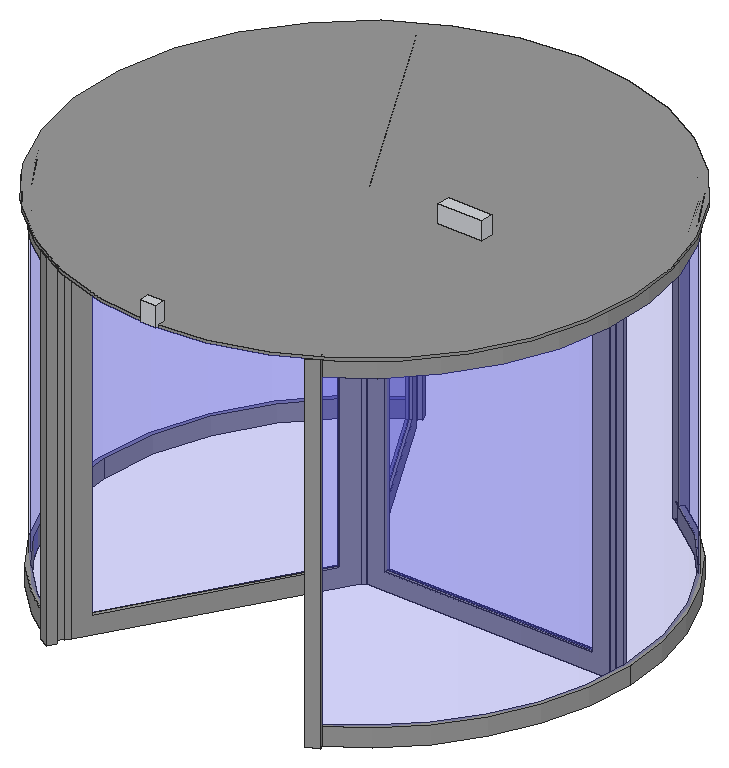
Revit family "ktv", category Doors, host Wall, Revit 2013
Parameters
  Wall Opening [instance] = Outer Radius * 2  # 3052 mm
  Rough Height = 2000 mm
  Roof [instance] = Radius + 50 mm  # 1550 mm
  Radius [instance] = 1500 mm
  Posts [instance] = Radius + 15.5 mm  # 1515.5 mm
  Outer Radius [instance] = Radius + 26 mm  # 1526 mm
  Glass = Glass
  Function = Interior
  Frame Projection Ext. = 25 mm
  Frame Projection Int. = 25 mm
  Frame Width = 75 mm
  Height = 2000 mm
  Wall Closure = By host
  Width = 1220 mm
  Frame Construction = Aluminum 7075
Reference planes
  plane 1: y = 0
  plane 2 "Center (Left/Right)": x = 0
  plane 3 "Left": x = -1526
  plane 4 "Right": x = 1526
  plane 5: z = 2000
  plane 6 "Exterior": y = 75
  plane 7 "Interior": y = -75
  plane 8: through (0, 0, 1200) normal (-0.866, -0.5, 0)
  plane 9: through (0, 0, 1200) normal (-0.866, 0.5, 0)
  plane 10: through (-772.905, 1303.711, 1200) normal (-0.5, 0.866, 0)
  plane 11: through (-15.155, -8.75, 1200) normal (-0.5, 0.866, 0)
  plane 12: through (772.905, 1303.711, 1200) normal (-0.5, -0.866, 0)
  plane 13: through (15.155, -8.75, 1200) normal (-0.5, -0.866, 0)
  plane 14: through (-741.214, 1295.22, 1200) normal (-0.866, -0.5, 0)
  plane 15: through (741.214, 1295.22, 1200) normal (-0.866, 0.5, 0)
  plane 16: through (-15.155, 8.75, 1200) normal (0.5, 0.866, 0)
  plane 17: through (15.155, 8.75, 1200) normal (0.5, -0.866, 0)
  plane 18: through (-772.905, -1303.711, 1200) normal (0.5, 0.866, 0)
  plane 19: through (772.905, -1303.711, 1200) normal (0.5, -0.866, 0)
  plane 20: through (-741.214, -1295.22, 1200) normal (0.866, -0.5, 0)
  plane 21: through (741.214, -1295.22, 1200) normal (0.866, 0.5, 0)
  plane 22: through (-710, 1229.756, 1200) normal (0.5, -0.866, 0)
  plane 23: through (-12.99, 22.5, 1200) normal (0.5, -0.866, 0)
  plane 24: through (-709.75, -1229.323, 1200) normal (-0.5, -0.866, 0)
  plane 25: through (-12.99, -22.5, 1200) normal (-0.5, -0.866, 0)
  plane 26: x = 1515.5
  plane 27: x = 0
  plane 28: x = 1419.5
  plane 29: x = 25.981
  plane 30: y = 0
  plane 31: through (0, 0, 1200) normal (-0.7071, 0.7071, 0)
Forms (mm)
  Extrusion 1, solid, material "Aluminum 7075" <- "Frame Construction"
    sketch origin (-7091.801, -4140.55, 0) x (1, 0, 0) y (0, 1, 0)
      loop
        circle (7091.801, 4140.55) r 1500
      loop
        circle (7091.801, 4140.55) r 1526
    from 0 to 100
  Extrusion 2, void
    sketch origin (-7091.801, -4140.55, 0) x (1, 0, 0) y (0, 1, 0)
      loop
        arc (6341.801, 5439.588) -> (7091.801, 5640.55) -> (7841.801, 5439.588) r 1500
        line (7841.801, 5439.588) -> (7854.801, 5462.104)
        arc (7854.801, 5462.104) -> (7091.801, 5666.55) -> (6328.801, 5462.104) r 1526
        line (6328.801, 5462.104) -> (6341.801, 5439.588)
      loop
        line (6341.801, 2841.512) -> (6328.801, 2818.995)
        arc (6328.801, 2818.995) -> (7091.801, 2614.55) -> (7854.801, 2818.995) r 1526
        line (7854.801, 2818.995) -> (7841.801, 2841.512)
        arc (7841.801, 2841.512) -> (7091.801, 2640.55) -> (6341.801, 2841.512) r 1500
    from 0 to 250
  Extrusion 3, solid, material "Aluminum 7075"
    sketch origin (7091.801, 4140.55, 0) x (-1, 0, 0) y (0, -1, 0)
      loop
        line (7871.612, 2859.878) -> (7810.99, 2824.878) -> (7833.99, 2785.04) -> (7894.612, 2820.04) -> (7871.612, 2859.878)
    from 0 to 2000
  Extrusion 4, solid, material "Aluminum 7075"
    sketch origin (-7091.801, 4140.55, 0) x (1, 0, 0) y (0, 1, 0)
      loop
        line (7871.612, -2859.878) -> (7894.612, -2820.04) -> (7833.99, -2785.04) -> (7810.99, -2824.878) -> (7871.612, -2859.878)
    from 0 to 2000
  Extrusion 5, solid, material "Aluminum 7075" <- "Frame Construction"
    sketch origin (7091.801, -4140.55, 0) x (-1, 0, 0) y (0, -1, 0)
      loop
        line (7871.612, -2859.878) -> (7894.612, -2820.04) -> (7833.99, -2785.04) -> (7810.99, -2824.878) -> (7871.612, -2859.878)
    from 0 to 2000
  Extrusion 6, solid, material "Aluminum 7075" <- "Frame Construction"
    sketch origin (-7091.801, -4140.55, 0) x (1, 0, 0) y (0, 1, 0)
      loop
        line (7871.612, 2859.878) -> (7810.99, 2824.878) -> (7833.99, 2785.04) -> (7894.612, 2820.04) -> (7871.612, 2859.878)
    from 0 to 2000
  Extrusion 7, solid, material "Aluminum 7075" <- "Frame Construction"
    sketch origin (0, 0, 2000) x (0, -1, 0) y (-1, 0, 0)
      loop
        circle (0, 0) r 1500
      loop
        circle (0, 0) r 1526
    from 0 to 100
  Extrusion 8, void
    sketch origin (0, 0, 2000) x (-1, 0, 0) y (0, -1, 0)
      loop
        arc (750, -1299.038) -> (0, -1500) -> (-750, -1299.038) r 1500
        line (-750, -1299.038) -> (-763, -1321.555)
        arc (-763, -1321.555) -> (0, -1526) -> (763, -1321.555) r 1526
        line (763, -1321.555) -> (750, -1299.038)
    from -100 to 0
  Extrusion 9, void
    sketch origin (0, 0, 2000) x (-1, 0, 0) y (0, -1, 0)
      loop
        arc (-750, 1299.038) -> (0, 1500) -> (750, 1299.038) r 1500
        line (750, 1299.038) -> (763, 1321.555)
        arc (763, 1321.555) -> (0, 1526) -> (-763, 1321.555) r 1526
        line (-763, 1321.555) -> (-750, 1299.038)
    from -100 to 0
  Extrusion 10, solid, material "Aluminum 7075"
    sketch origin (-7091.801, -4140.55, 0) x (1, 0, 0) y (0, 1, 0)
      loop
        line (7091.801, 4170.55) -> (7065.82, 4155.55) -> (7065.82, 4125.55) -> (7091.801, 4110.55) -> (7117.782, 4125.55) -> (7117.782, 4155.55) -> (7091.801, 4170.55)
    from 0 to 2000
  Extrusion 11, solid, material "Aluminum 7075" <- "Frame Construction"
    sketch origin (0, 0, 1200) x (0.5, -0.866025, 0) y (0, 0, 1)
      loop
        line (-1420, 800) -> (-1420, -1200) -> (-25.981, -1200) -> (-25.981, 800) -> (-1420, 800)
      loop
        line (-1320, 700) -> (-1320, -1100) -> (-125.981, -1100) -> (-125.981, 700) -> (-1320, 700)
    from -15 to 15
  Extrusion 12, solid, material "Aluminum 7075" <- "Frame Construction"
    sketch origin (0, 0, 1200) x (-0.5, -0.866025, 0) y (0, 0, -1)
      loop
        line (1419.5, -800) -> (1419.5, 1200) -> (25.981, 1200) -> (25.981, -800) -> (1419.5, -800)
      loop
        line (1319.5, -700) -> (1319.5, 1100) -> (125.981, 1100) -> (125.981, -700) -> (1319.5, -700)
    from -15 to 15
  Extrusion 13, solid, material "Aluminum 7075" <- "Frame Construction"
    sketch origin (0, 0, 1200) x (-1, 0, 0) y (0, 0, 1)
      loop
        line (-1419.5, 800) -> (-1419.5, -1200) -> (-25.981, -1200) -> (-25.981, 800) -> (-1419.5, 800)
      loop
        line (-1319.5, 700) -> (-1319.5, -1100) -> (-125.981, -1100) -> (-125.981, 700) -> (-1319.5, 700)
    from -15 to 15
  Extrusion 14, solid, material "Glass" <- "Glass"
    sketch origin (-7091.801, -4140.55, 0) x (1, 0, 0) y (0, 1, 0)
      loop
        line (6310.143, 5424.421) -> (6306.142, 5431.35)
        arc (6306.142, 5431.35) -> (5580.7, 4140.55) -> (6306.142, 2849.749) r 1511.101
        line (6306.142, 2849.749) -> (6310.143, 2856.678)
        arc (6310.143, 2856.678) -> (5588.699, 4140.55) -> (6310.143, 5424.421) r 1503.102
    from 0 to 2000
  Extrusion 15, solid, material "Glass" <- "Glass"
    sketch origin (-7091.801, -4140.55, 0) x (1, 0, 0) y (0, 1, 0)
      loop
        line (7873.408, 2856.766) -> (7877.409, 2849.836)
        arc (7877.409, 2849.836) -> (8602.801, 4140.55) -> (7877.409, 5431.263) r 1511
        line (7877.409, 5431.263) -> (7873.408, 5424.333)
        arc (7873.408, 5424.333) -> (8594.801, 4140.55) -> (7873.408, 2856.766) r 1503
    from 0 to 2000
  Extrusion 16, solid
    sketch origin (-7091.801, -4140.55, 0) x (1, 0, 0) y (0, 1, 0)
      loop
        line (6392.193, 5376.306) -> (6377.193, 5402.287) -> (6372.408, 5399.524) -> (6349.908, 5438.495) -> (6338.694, 5432.02) -> (6361.194, 5393.049) -> (6356.409, 5390.287) -> (6371.409, 5364.306) -> (6392.193, 5376.306)
    from 0 to 2000
  Extrusion 17, solid, material "Aluminum 7075" <- "Frame Construction"
    sketch origin (-7091.801, 4140.55, 0) x (1, 0, 0) y (0, 1, 0)
      loop
        line (6392.443, -5375.873) -> (6371.659, -5363.873) -> (6356.409, -5390.287) -> (6361.194, -5393.049) -> (6338.694, -5432.02) -> (6349.908, -5438.495) -> (6372.408, -5399.524) -> (6377.193, -5402.287) -> (6392.443, -5375.873)
    from 0 to 2000
  Extrusion 18, solid, material "Aluminum 7075" <- "Frame Construction"
    sketch origin (-39.921, 8211.955, 0) x (-0.5, -0.866025, 0) y (0.866025, -0.5, 0)
      loop
        line (6392.443, 5375.873) -> (6377.193, 5402.287) -> (6372.408, 5399.524) -> (6349.908, 5438.495) -> (6338.694, 5432.02) -> (6361.194, 5393.049) -> (6356.409, 5390.287) -> (6371.659, 5363.873) -> (6392.443, 5375.873)
    from 0 to 2000
  Extrusion 19, solid, material "Aluminum 7075" <- "Frame Construction"
    sketch origin (0, 0, 2000) x (0, -1, 0) y (-1, 0, 0)
      loop
        circle (0, 0) r 1550
    from 0 to -15
  Extrusion 20, solid
    sketch origin (0, 0, 2000) x (0, -1, 0) y (-1, 0, 0)
      loop
        line (-37.5, -450) -> (-37.5, -700) -> (37.5, -700) -> (37.5, -450) -> (-37.5, -450)
    from -115 to 0
  Extrusion 21, solid
    sketch origin (0, 0, 2000) x (0, -1, 0) y (-1, 0, 0)
      loop
        line (1500, 45) -> (1500, -45) -> (1555, -45) -> (1555, 45) -> (1500, 45)
    from -115 to 0
  Extrusion 22, solid, material "Glass" <- "Glass"
    sketch origin (0, 0, 1200) x (0.5, -0.866025, 0) y (0, 0, 1)
      loop
        line (-1320, 700) -> (-1320, -1100) -> (-125.981, -1100) -> (-125.981, 700) -> (-1320, 700)
    from -3 to 3
  Extrusion 23, solid, material "Glass" <- "Glass"
    sketch origin (0, 0, 1200) x (0.5, 0.866025, 0) y (0, 0, 1)
      loop
        line (-1320, 700) -> (-1320, -1100) -> (-125.981, -1100) -> (-125.981, 700) -> (-1320, 700)
    from -3 to 3
  Extrusion 24, solid, material "Glass" <- "Glass"
    sketch origin (0, 0, 1200) x (-1, 0, 0) y (0, 0, 1)
      loop
        line (-1320, 700) -> (-1320, -1100) -> (-125.981, -1100) -> (-125.981, 700) -> (-1320, 700)
    from -3 to 3
Cuts and joins
  Extrusion 2 cuts Extrusion 1
  Extrusion 8, Extrusion 9 cuts Extrusion 7
Lines and regions (mm)
  Opening 1
    outline origin (-3050, -75, 0) x (1, 0, 0) y (0, 0, 1)
      loop
        line (1524, 0) -> (4576, 0) -> (4576, 2000) -> (1524, 2000) -> (1524, 0)
  symbolic lines, style "DoorsHiddenLines"
    curve 1: line (-750, 225, 2000) -> (750, 225, 2000)
    curve 2: line (-750, -225, 2000) -> (-750, 225, 2000)
    curve 3: line (750, -225, 2000) -> (-750, -225, 2000)
    curve 4: line (750, 225, 2000) -> (750, -225, 2000)
    curve 5: line (-206, -225, 2000) -> (-206, 225, 2000)
Text (mm)
  text "Exterior" at (-2295.016, 1099.543, 0), in view "Ref. Level"
  text "Exterior" at (0, 1615.38, 3698.081), in view "Left"
  text "Exterior" at (0, 1036.032, 3874.932), in view "Right"
  text "Drive Unit KTV-A" at (-739.647, 189.855, 0), in view "Ref. Level"
  text "Drive Unit KTV-P/S/A" at (91.545, 189.855, 0), in view "Ref. Level"
Dimensions and locks
  equal spacing: plane 3 "Left", plane 2 "Center (Left/Right)", plane 4 "Right"
  "Wall Opening": plane 3 "Left" to plane 4 "Right"
  "Height": plane 5 to host wall
  locked: plane 6 "Exterior" to host wall at 0
  locked: plane 7 "Interior" to host wall
  "Posts": plane 10 to plane 11
  locked: Extrusion 3 sketch curve to Extrusion 3 sketch curve at 46
  locked: plane 10 to Extrusion 3 sketch curve at 16.5
  "Posts": plane 12 to plane 13
  locked: Extrusion 3 sketch curve to Extrusion 3 sketch curve at 70
  locked: plane 14 to Extrusion 3 sketch curve at 29.3
  locked: Extrusion 4 sketch curve to Extrusion 4 sketch curve at 46
  locked: Extrusion 4 sketch curve to Extrusion 4 sketch curve at 70
  locked: plane 15 to Extrusion 4 sketch curve at 29.3
  locked: plane 12 to Extrusion 4 sketch curve at 16.5
  locked: Extrusion 5 sketch curve to Extrusion 5 sketch curve at 46
  locked: Extrusion 5 sketch curve to Extrusion 5 sketch curve at 70
  locked: Extrusion 6 sketch curve to Extrusion 6 sketch curve at 46
  locked: Extrusion 6 sketch curve to Extrusion 6 sketch curve at 70
  "Posts": plane 18 to plane 16
  "Posts": plane 19 to plane 17
  locked: Extrusion 5 sketch curve to plane 18 at 16.5
  locked: Extrusion 5 sketch curve to plane 20 at 29.3
  locked: plane 21 to Extrusion 6 sketch curve at 29.3
  locked: plane 19 to Extrusion 6 sketch curve at 16.5
  locked: plane 22 to plane 10 at 95.5
  locked: plane 18 to plane 24 at 96
  "Posts": plane 27 to plane 26
  locked: plane 28 to plane 26 at 96
  locked: Extrusion 21 sketch curve to Extrusion 21 sketch curve at 55
  "Radius": Extrusion 21 sketch curve to plane 30
  curve 3 to curve 1 = 450 mm
  curve 2 to curve 5 = 544 mm
  curve 5 to curve 4 = 956 mm
  plane 28 to Extrusion 18 sketch curve to Extrusion 18 sketch curve = 30.5 mm locked, 45 mm locked
  plane 22 to Extrusion 16 sketch curve to Extrusion 16 sketch curve = 30 mm locked, 45 mm locked
  Extrusion 17 sketch curve to Extrusion 17 sketch curve to plane 24 = 45 mm locked, 30.5 mm locked
  "Outer Radius": radius of Extrusion 1 sketch curve
  "Radius": radius of Extrusion 1 sketch curve
  "Outer Radius": radius of Extrusion 7 sketch curve
  "Radius": radius of Extrusion 7 sketch curve
  "Roof": radius of Extrusion 19 sketch curve
  aligned and locked: plane 3 "Left" to Opening 1 sketch curve
  aligned and locked: plane 5 to Opening 1 sketch curve  (x2)
  aligned and locked: Opening 1 sketch curve to plane 4 "Right"
  aligned and locked: Opening 1 sketch curve to level
  aligned and locked: host wall to plane 1
  aligned and locked: Extrusion 2 sketch curve to plane 8
  aligned and locked: plane 9 to Extrusion 2 sketch curve
  aligned and locked: Extrusion 2 sketch curve to cut or joined group of Extrusion 1, Extrusion 2  (x4)
  aligned and locked: Extrusion 2 sketch curve to plane 9
  aligned and locked: plane 8 to Extrusion 2 sketch curve
  aligned and locked: Extrusion 3 to plane 5
  aligned and locked: Extrusion 4 to plane 5
  aligned and locked: Extrusion 5 to plane 5
  aligned and locked: Extrusion 6 to plane 5
  aligned and locked: Extrusion 8 sketch curve to plane 8
  aligned and locked: Extrusion 8 sketch curve to cut or joined group of Extrusion 1, Extrusion 2  (x2)
  aligned and locked: plane 9 to Extrusion 8 sketch curve
  aligned and locked: plane 9 to Extrusion 9 sketch curve
  aligned and locked: Extrusion 9 sketch curve to cut or joined group of Extrusion 1, Extrusion 2  (x2)
  aligned and locked: Extrusion 9 sketch curve to plane 8
  aligned and locked: Extrusion 10 to plane 5
  aligned and locked: plane 28 to Extrusion 13
  aligned and locked: Extrusion 13 sketch curve to plane 29
  aligned and locked: Extrusion 3 to Extrusion 14 sketch curve
  aligned and locked: Extrusion 5 to Extrusion 14 sketch curve
  aligned and locked: cut or joined group of Extrusion 7, Extrusion 8, Extrusion 9 to plane 5
  aligned and locked: Extrusion 4 to Extrusion 15 sketch curve
  aligned and locked: Extrusion 6 to Extrusion 15 sketch curve
  aligned and locked: Extrusion 15 to plane 5
  aligned and locked: Extrusion 11 to Extrusion 16 sketch curve
  aligned and locked: Extrusion 16 to plane 5
  aligned and locked: Extrusion 17 sketch curve to Extrusion 12
  aligned and locked: Extrusion 13 to Extrusion 18 sketch curve
  aligned and locked: Extrusion 18 to plane 5
  aligned and locked: Extrusion 17 to plane 5
  aligned and locked: Extrusion 14 to plane 5
Automatic sketch dimensions
  Extrusion 10 sketch curve to plane 13 = 0 mm
  plane 23 to Extrusion 10 sketch curve = 0 mm  (x2)
  Extrusion 10 sketch curve to plane 27 = 0 mm  (x2)
  Extrusion 10 sketch curve to plane 25 = 0 mm
  plane 11 to Extrusion 10 sketch curve = 0 mm
  Extrusion 10 sketch curve to plane 29 = 0 mm
  plane 13 to Extrusion 10 sketch curve = 0 mm
  Extrusion 10 sketch curve to plane 11 = 0 mm
  Extrusion 14 sketch curve to Extrusion 14 sketch curve = 0 mm  (x2)
  Extrusion 14 sketch curve to plane 18 = 4.805 mm
  Extrusion 14 sketch curve to plane 18 = 12.806 mm
  plane 8 to Extrusion 14 sketch curve = 0 mm
  plane 9 to Extrusion 14 sketch curve = 0 mm
  Extrusion 15 sketch curve to Extrusion 15 sketch curve = 0 mm  (x2)
  Extrusion 15 sketch curve to plane 19 = 12.908 mm
  Extrusion 15 sketch curve to plane 19 = 4.905 mm
  plane 8 to Extrusion 15 sketch curve = 0 mm
  plane 9 to Extrusion 15 sketch curve = 0 mm
  Extrusion 20 sketch curve to plane 11 = 382.476 mm
  plane 23 to Extrusion 20 sketch curve = 343.505 mm
  Extrusion 20 sketch curve to plane 20 = 581.768 mm
  plane 23 to Extrusion 20 sketch curve = 283.457 mm
  Extrusion 1 sketch curve to Extrusion 1 sketch curve = 0 mm  (x2)
  host wall to Extrusion 1 sketch curve = 0 mm
  Extrusion 1 sketch curve to plane 2 "Center (Left/Right)" = 0 mm
  Extrusion 7 sketch curve to Extrusion 7 sketch curve = 0 mm  (x2)
  host wall to Extrusion 7 sketch curve = 0 mm
  Extrusion 7 sketch curve to plane 2 "Center (Left/Right)" = 0 mm
  host wall to Extrusion 19 sketch curve = 0 mm
  Extrusion 19 sketch curve to plane 2 "Center (Left/Right)" = 0 mm
  Extrusion 21 sketch curve to plane 2 "Center (Left/Right)" = 45 mm
  plane 29 to Extrusion 21 sketch curve = 19.019 mm
  Extrusion 11 sketch curve to level = 0 mm
  Extrusion 11 sketch curve to plane 22 = 0 mm
  plane 5 to Extrusion 11 sketch curve = 0 mm
  Extrusion 11 sketch curve to plane 23 = 0 mm
  level to Extrusion 11 sketch curve = 100 mm
  plane 22 to Extrusion 11 sketch curve = 100 mm
  Extrusion 11 sketch curve to plane 23 = 100 mm
  plane 5 to Extrusion 11 sketch curve = 100 mm
  plane 5 to Extrusion 12 sketch curve = 0 mm
  Extrusion 12 sketch curve to plane 25 = 0 mm
  Extrusion 12 sketch curve to plane 24 = 0 mm
  Extrusion 12 sketch curve to level = 0 mm
  plane 25 to Extrusion 12 sketch curve = 100 mm
  Extrusion 12 sketch curve to plane 24 = 100 mm
  Extrusion 12 sketch curve to level = 100 mm
  Extrusion 12 sketch curve to plane 5 = 100 mm
  Extrusion 13 sketch curve to level = 0 mm
  Extrusion 13 sketch curve to plane 28 = 0 mm
  Extrusion 13 sketch curve to plane 5 = 0 mm
  Extrusion 13 sketch curve to plane 28 = 100 mm
  plane 29 to Extrusion 13 sketch curve = 100 mm
  level to Extrusion 13 sketch curve = 100 mm
  plane 5 to Extrusion 13 sketch curve = 100 mm
  host wall to curve 1 = 150 mm
  plane 25 to curve 5 = 117.836 mm
  Extrusion 18 sketch curve to Extrusion 18 sketch curve = 4.785 mm  (x2)
  Extrusion 18 sketch curve to Extrusion 18 sketch curve = 11.215 mm  (x2)
  Extrusion 18 sketch curve to host wall = 6.475 mm
  Extrusion 16 sketch curve to plane 21 = 6.3 mm
  Extrusion 16 sketch curve to plane 14 = 6.3 mm
  Extrusion 16 sketch curve to Extrusion 16 sketch curve = 4.785 mm  (x2)
  Extrusion 16 sketch curve to Extrusion 16 sketch curve = 11.215 mm
  plane 15 to Extrusion 17 sketch curve = 6.3 mm
  plane 20 to Extrusion 17 sketch curve = 6.3 mm
  Extrusion 17 sketch curve to Extrusion 17 sketch curve = 4.785 mm  (x2)
  Extrusion 17 sketch curve to Extrusion 17 sketch curve = 11.215 mm
  plane 22 to Extrusion 22 sketch curve = 100 mm
  level to Extrusion 22 sketch curve = 100 mm
  Extrusion 22 sketch curve to plane 23 = 100 mm
  plane 5 to Extrusion 22 sketch curve = 100 mm
  plane 24 to Extrusion 23 sketch curve = 99.5 mm
  level to Extrusion 23 sketch curve = 100 mm
  Extrusion 23 sketch curve to plane 25 = 100 mm
  plane 5 to Extrusion 23 sketch curve = 100 mm
  Extrusion 24 sketch curve to plane 28 = 99.5 mm
  level to Extrusion 24 sketch curve = 100 mm
  plane 29 to Extrusion 24 sketch curve = 100 mm
  plane 5 to Extrusion 24 sketch curve = 100 mm
